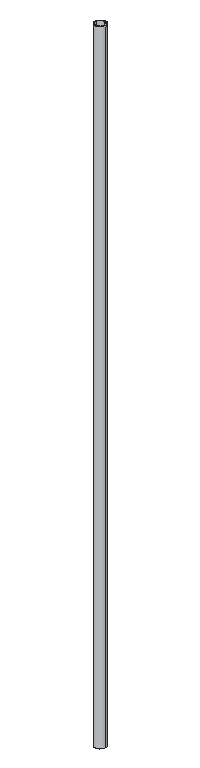
Revit family "测斜管", category 常规模型, Revit 2016
Family settings
  零件类型 = 标准
  可将钢筋附着到主体 = 否
  圆形连接件大小 = 使用直径
  基于工作平面 = 否
  总是垂直 = 是
  加载时剪切的空心 = 否
  共享 = 否
  房间计算点 = 否
Parameters
  直径 = 200 mm
  监测数据 [instance] = ""
  深度 = 12000 mm
  测点编号 [instance] = "CX01"
  壁厚 = 20 mm
  内径 = 直径 - 2 * 壁厚  # 160 mm
Reference planes
  plane 1 "中心(前/后)": y = 0
  plane 2: z = 0
  plane 3 "中心(左/右)": x = 0
Forms (mm)
  Extrusion 1, solid
    sketch origin (3021.728, -229.593, 0) x (1, 0, 0) y (0, 1, 0)
      loop
        circle (-3021.728, 229.593) r 100
    from -12000 to 0
  Extrusion 2, void
    sketch origin (0, 0, 0) x (1, 0, 0) y (0, 1, 0)
      loop
        circle (0, 0) r 80
    from -12000 to 0
Cuts and joins
  Extrusion 2 cuts Extrusion 1
Dimensions and locks
  "深度": Extrusion 1 to Extrusion 1
  "直径": diameter of Extrusion 1 sketch curve
  "内径": diameter of Extrusion 2 sketch curve
  aligned and locked: level to plane 2
  aligned and locked: level to Extrusion 1
  aligned and locked: level to Extrusion 2
  aligned and locked: Extrusion 1 to Extrusion 2
Automatic sketch dimensions
  plane 1 "中心(前/后)" to Extrusion 1 sketch curve = 0 mm
  Extrusion 1 sketch curve to plane 3 "中心(左/右)" = 0 mm
  plane 1 "中心(前/后)" to Extrusion 2 sketch curve = 0 mm
  Extrusion 2 sketch curve to plane 3 "中心(左/右)" = 0 mm
